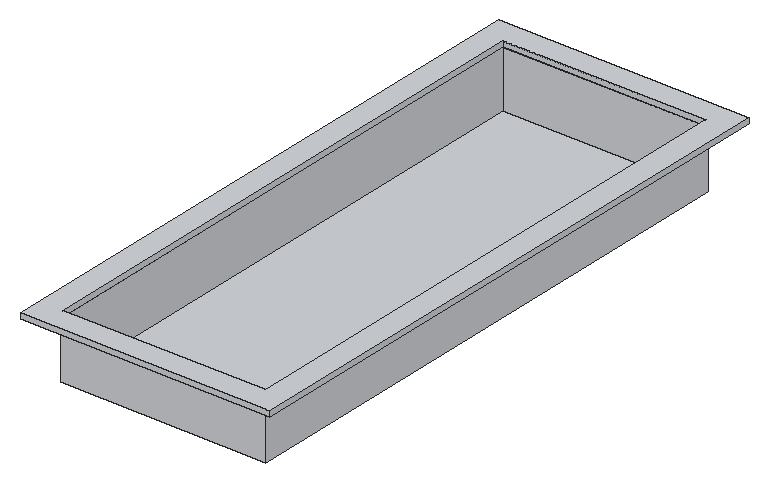
Revit family "Hager-VOLTA-Hollow_wall-Other-Without_Cover-Without_DIN-Hosted-CH-en", category Electrical Equipment, host Face, Revit 2023
Family settings
  Host = Face
  Panel Configuration = Two Columns, Circuits Across
  Round Connector Dimension = Use Diameter
  Part Type = Panelboard
  Cut with Voids When Loaded = No
  Maintain Annotation Orientation = Yes
  Shared = No
  Room Calculation Point = No
Parameters (values of type "VOLTA-Hollow_wall_W348_H880_D98_12_Modular_Spacing-VH60NK")
  Width Control [instance] = if([HG000006-Flush mounted], if([EF000846 - Built-in width] > min_whd, [EF000846 - Built-in width], min_whd), if([EF000008 - Width] > min_whd, ([EF000008 - Width]), min_whd))  # 314 mm
  Void Depth [instance] = if([HG000006-Flush mounted], Depth Control, 1 mm)  # 90 mm
  Uniformat code = "D501001"
  Uniformat = "Low Tension Service & Dist."
  HG000131 - Functional label [instance] = ""
  HG000130 - Functional name [instance] = ""
  HG000099-Onfly Template ID = "507532"
  Type Comments = ""
  System Height [instance] = Height Control - 2 * [HG000005-Thickness]  # 842 mm
  Reference description = ""
  Reference = "VOLTA-Hollow_wall_W348_H880_D98_12_Modular_Spacing-VH60NK"
  Object type = ""
  Name hager = "ADD_Enclosures_EC000214"
  Name BIM&CO = "Electricity"
  Name = "VOLTA-Hollow_wall-Other-Without_Cover-Without_DIN-CH"
  Model = ""
  HGEF002950-Width in number of modular spacings = 12
  HGEF000266-Number of rows = 5
  HG000060-RAL-number = "9010"
  HG000059-Operating voltage [instance] = 230 V
  HG000017-Distance between poles = 18 mm
  HG000016-Door 3D visibility = yes
  HG000015-Clearance visibility = yes
  HG000014-Door on the right = yes
  HG000013-Door on the left = not([HG000014-Door on the right])  # no
  HG000012-Door swing angle = 90.00°
  HG000011-Empty rows from bottom = no
  HG000010-Asymmetric doors = no
  HG000009-Double swing door = no
  HG000008-Number of empty rows = 0
  HG000007-Number of empty columns = 0
  HG000006-Flush mounted = yes
  HG000005-Thickness = 2 mm
  HG000004-Manufacturer reference = "VH60NK"
  HG000003-Range = "VOLTA"
  HG000002-With door or cover = no
  HG000001-Number of columns = 0
  GTIN (Global Trade Item Number) = ""
  ETIM class name = "Small distribution board"
  ETIM class code = "EC000214"
  EF015941 - Signal passing door = no
  EF015777 - Neutral terminal block = no
  EF015776 - Earthing terminal block = no
  EF009212 - Cover model = ""
  EF006306 - With lock = no
  EF006244 - Transparent cover/door = no
  EF005474 - Degree of protection (IP) = "Other"
  EF004464 - Type of door = ""
  EF004462 - Type of closure = "Other"
  EF002950 - Width in number of modular spacings = 12
  EF001596 - Housing material = ""
  EF001134 - DIN-rail = no
  EF001131 - Inner depth = 0 mm
  EF001088 - Extension possible = yes
  EF001062 - EMC-version = no
  EF000846 - Built-in width = 314 mm
  EF000339 - Type of covering = ""
  EF000332 - Built-in height = 846 mm
  EF000266 - Number of rows = 5
  EF000218 - Built-in depth = 90 mm
  EF000118 - With mounting plate = no
  EF000116 - RAL-number = 9010
  EF000049 - Depth = 98 mm
  EF000040 - Height = 880 mm
  EF000024 - UV resistant = no
  EF000008 - Width = 348 mm
  EF000007 - Colour = "White"
  EF000003 - Mounting method = "Hollow wall"
  Creation Date = "12/15/2025 21:43:36"
  Code hager = "ADD-EC000214_EU"
  BIM&CO code = ""
  BC_VARIANT_ID = "1174143"
  BC_OBJECT_VERSION = "#9"  # constant formula
  BC_OBJECT_ID = "513470"  # constant formula
  BC_MODEL_ID = "1547123"  # constant formula
  Arrow Offset [instance] = Depth Control / 8  # 11.25 mm
  Arrow Height [instance] = Depth Control - Arrow Offset  # 78.75 mm
  Host Offset [instance] = if([HG000006-Flush mounted], 0 mm, [EF000049 - Depth])  # 0 mm
  min_whd [instance] = (2 * [HG000005-Thickness]) + 1 mm  # 5 mm
  Manufacturer = "Hager"  # constant formula
  Height Control [instance] = if([HG000006-Flush mounted], if([EF000332 - Built-in height] > min_whd, [EF000332 - Built-in height], min_whd), if([EF000040 - Height] > min_whd, ([EF000040 - Height]), min_whd))  # 846 mm
  Flush Mounted - Door Frame Width [instance] = if(([EF000040 - Height] - [EF000332 - Built-in height]) > 0 mm, if([HG000006-Flush mounted], [EF000040 - Height] - [EF000332 - Built-in height], 0 mm), 0 mm)  # 34 mm
  Depth Control [instance] = if([HG000006-Flush mounted], if([EF000218 - Built-in depth] > 0 mm, [EF000218 - Built-in depth], 1 mm), if([EF000049 - Depth] > 0 mm, ([EF000049 - Depth]), 1 mm))  # 90 mm
  Default Elevation = 0 mm
Types (5, lengths in mm): name | System Height | Reference | HGEF000266-Number of rows | HG000004-Manufacturer reference | EF009212 - Cover model | EF004462 - Type of closure | EF001062 - EMC-version | EF000332 - Built-in height | EF000266 - Number of rows | EF000049 - Depth | EF000040 - Height | EF000008 - Width | BC_VARIANT_ID | Height Control | Flush Mounted - Door Frame Width
  VOLTA-Hollow_wall_W330_H355_D94_12_Modular_Spacing-VH12NK | 342 | "VOLTA-Hollow_wall_W330_H355_D94_12_Modular_Spacing-VH12NK" | 1 | "VH12NK" | "Closed" | "" | yes | 346 | 1 | 94 | 355 | 330 | "1174126" | 346 | 9
  VOLTA-Hollow_wall_W348_H505_D98_12_Modular_Spacing-VH24NK | 467 | "VOLTA-Hollow_wall_W348_H505_D98_12_Modular_Spacing-VH24NK" | 2 | "VH24NK" | "" | "Other" | no | 471 | 2 | 98 | 505 | 348 | "1174131" | 471 | 34
  VOLTA-Hollow_wall_W348_H630_D98_12_Modular_Spacing-VH36NK | 592 | "VOLTA-Hollow_wall_W348_H630_D98_12_Modular_Spacing-VH36NK" | 3 | "VH36NK" | "" | "Other" | no | 596 | 3 | 98 | 630 | 348 | "1174136" | 596 | 34
  VOLTA-Hollow_wall_W348_H755_D98_12_Modular_Spacing-VH48NK | 717 | "VOLTA-Hollow_wall_W348_H755_D98_12_Modular_Spacing-VH48NK" | 4 | "VH48NK" | "" | "Other" | no | 721 | 4 | 98 | 755 | 348 | "1174140" | 721 | 34
  VOLTA-Hollow_wall_W348_H880_D98_12_Modular_Spacing-VH60NK | 842 | "VOLTA-Hollow_wall_W348_H880_D98_12_Modular_Spacing-VH60NK" | 5 | "VH60NK" | "" | "Other" | no | 846 | 5 | 98 | 880 | 348 | "1174143" | 846 | 34
Reference planes
  plane 1 "Center (Front/Back)": y = 0
  plane 2: z = 0
  plane 3 "Center (Left/Right)": x = 0
  plane 4: z = 0
  plane 5: y = 36
  plane 6: z = -5
  plane 7: y = 457
  plane 8: y = 34
  plane 9: y = 880
  plane 10: z = -90
  plane 11: x = -157
  plane 12: x = 157
  plane 13: x = 155
  plane 14: x = -155
  plane 15: y = 878
  plane 16: z = -88
  plane 17: z = -2
  plane 18: z = -90
  plane 19: z = -2
  plane 20 "Annotation H": y = -100
  plane 21 "Annotation V": x = 457
Forms (mm)
  Extrusion 1, solid
    sketch origin (-583.045, 34, 1219.2) x (-1, 0, 0) y (0, 0, 1)
      loop
        line (-426.045, -1219.2) -> (-740.045, -1219.2) -> (-740.045, -1309.2) -> (-426.045, -1309.2) -> (-426.045, -1219.2)
    from 0 to 846 <- "Height Control"
  Extrusion 2, void
    sketch origin (-381.607, -4572, 0) x (0, -1, 0) y (-1, 0, 0)
      loop
        line (-5450, -226.607) -> (-5450, -536.607) -> (-4608, -536.607) -> (-4608, -226.607) -> (-5450, -226.607)
    from 0 to 88
  Extrusion 3, void
    sketch origin (0, 0, 0) x (1, 0, 0) y (0, 1, 0)
      loop
        line (-157, 34) -> (157, 34) -> (157, 880) -> (-157, 880) -> (-157, 34)
    from -90 to 1
  Extrusion 4, solid, detail levels coarse+medium
    sketch origin (-381.607, -4572, 0) x (-1, 0, 0) y (0, -1, 0)
      loop
        line (-226.607, -5450) -> (-226.607, -4608) -> (-536.607, -4608) -> (-536.607, -5450) -> (-226.607, -5450)
    from 0 to -2
Cuts and joins
  Extrusion 2 cuts Extrusion 1
Dimensions and locks
  plane 4 to plane 6 = 5 mm
  "Host Offset": plane 4 to host face
  "Flush Mounted - Door Frame Width": plane 1 "Center (Front/Back)" to plane 8
  "HG000005-Thickness": plane 5 to plane 8
  locked: connector elem to plane 3 "Center (Left/Right)"
  "Height Control": plane 9 to plane 8
  equal spacing: plane 9, plane 7, plane 8
  locked: connector elem to plane 7
  "Depth Control": plane 4 to plane 10
  "HG000005-Thickness": plane 11 to plane 14
  "HG000005-Thickness": plane 12 to plane 13
  equal spacing: plane 11, plane 3 "Center (Left/Right)", plane 12
  "Width Control": plane 11 to plane 12
  "Arrow Offset": nested 4 to plane 10
  "HG000005-Thickness": plane 9 to plane 15
  "HG000005-Thickness": plane 16 to plane 10
  "HG000005-Thickness": plane 4 to plane 17
  "Void Depth": plane 2 to plane 18
  "HG000005-Thickness": plane 4 to plane 19
  locked: plane 20 "Annotation H" to plane 1 "Center (Front/Back)" at 100
  locked: plane 12 to plane 21 "Annotation V" at 300
  aligned and locked: plane 2 to host face
  aligned and locked: level to host face
  aligned and locked: plane 3 "Center (Left/Right)" to nested 2
  aligned and locked: plane 4 to nested 2
  aligned and locked: nested 2 to plane 8
  aligned and locked: nested 1 to plane 6
  aligned and locked: plane 5 to nested 1
  aligned and locked: nested 4 to plane 11
  aligned and locked: nested 3 to plane 4
  aligned and locked: Extrusion 1 sketch curve to plane 12
  aligned and locked: Extrusion 1 sketch curve to plane 11
  aligned and locked: nested 3 to plane 10
  aligned and locked: plane 10 to Extrusion 1 sketch curve
  aligned and locked: plane 5 to Extrusion 2 sketch curve
  aligned and locked: Extrusion 2 sketch curve to plane 15
  aligned and locked: Extrusion 2 sketch curve to plane 14
  aligned and locked: Extrusion 2 sketch curve to plane 13
  aligned and locked: plane 11 to Extrusion 3 sketch curve
  aligned and locked: plane 9 to Extrusion 3 sketch curve
  aligned and locked: Extrusion 3 sketch curve to plane 8
  aligned and locked: plane 12 to Extrusion 3 sketch curve
  aligned and locked: nested 3 to plane 12
  aligned and locked: Extrusion 3 to plane 18
  aligned and locked: Extrusion 2 to plane 16
  aligned and locked: Extrusion 1 sketch curve to plane 4
  aligned and locked: Extrusion 4 to plane 17
  aligned and locked: Extrusion 4 sketch curve to plane 15
  aligned and locked: Extrusion 4 sketch curve to plane 13
  aligned and locked: Extrusion 4 sketch curve to plane 14
  aligned and locked: plane 5 to Extrusion 4 sketch curve
  aligned and locked: nested 5 to plane 21 "Annotation V"
  aligned and locked: plane 20 "Annotation H" to nested 5
Automatic sketch dimensions
  host sketch curve to host sketch curve = 1469.727 mm
  host sketch curve to host sketch curve = 1434.803 mm
Nested families
  nested 1: "Hager_Enclosure_System" at (0, 36, -5) x (1, 0, 0) z (0, 1, 0), Depth <- "HG000005-Thickness", Height <- "System Height", Border <- "HG000005-Thickness", Flush_Mounted <- "HG000006-Flush mounted", Row_Module_Multiplicator <- "HGEF002950-Width in number of modular spacings", Total_No_Empty_Rows <- "HG000008-Number of empty rows", Total_No_Rows <- "HGEF000266-Number of rows", Empty_Columns <- "HG000007-Number of empty columns", Width_Control <- "Width Control", Empty_Rows_From_Bottom <- "HG000011-Empty rows from bottom", Distance_Between_Poles <- "HG000017-Distance between poles", Rows_Count <- "HGEF000266-Number of rows", Columns_Count <- "HG000001-Number of columns", Built-in_Width <- "EF000846 - Built-in width", Width <- "EF000008 - Width", type "Hager_Enclosure_System", detail levels fine
    with Width_Control 314 mm, Width 348 mm, Total_No_Rows 5, Total_No_Empty_Rows 0, Total_No_Columns 1, System_Width 310 mm, Rows_Count 5, Rows_Column 5, Row_Module_Multiplicator 12, Panel_4 no, Panel_3 no, Panel_2 no, Panel_1 no, No_Panels_Ctrl 1, Hide_Columns yes, Height 842 mm, Flush_Mounted yes, Empty_Rows_From_Bottom no, Empty_Rows_Column 0, Empty_Columns 0, Empty column 4 0, Empty column 3 0, Empty column 2 0, Empty column 1 0, Distance_Between_Poles 18 mm, Depth 2 mm, Columns_Count 0, Column_Width 310 mm, Built-in_Width 314 mm, Border 2 mm
  nested 2: "Hager_Enclosure_Door" at (0, 34, 0) x (1, 0, 0) z (0, 1, 0), Border <- "HG000005-Thickness", Door_Right <- "HG000014-Door on the right", Flush_Mounted <- "HG000006-Flush mounted", Door_Left <- "HG000013-Door on the left", 3d_Door <- "HG000016-Door 3D visibility", Angle <- "HG000012-Door swing angle", Assymetrical <- "HG000010-Asymmetric doors", Double <- "HG000009-Double swing door", Clearance <- "HG000015-Clearance visibility", Door <- "HG000002-With door or cover", Height_Ctrl <- "Height Control", Width_Ctrl <- "Width Control", BuiltIn_Depth <- "EF000218 - Built-in depth", Depth <- "EF000049 - Depth", BuiltIn_Width <- "EF000846 - Built-in width", Height <- "EF000040 - Height", BuiltIn_Height <- "EF000332 - Built-in height", Width <- "EF000008 - Width", Transparent <- "EF006244 - Transparent cover/door", type "Hager_Enclosure_Door", detail levels medium+fine
    with min_wh 5 mm, Width_Ctrl 314 mm, Width 348 mm, Transparent_Door_No_Bottom_Border no, Transparent no, Leaf_Width 307 mm, Leaf_Tolerance 1.5 mm, Leaf_Height 839 mm, Leaf_2_Width 307 mm, Leaf_2_Offset 153.5 mm, Leaf_1_Width 307 mm, Leaf_1_Offset 153.5 mm, Height_Ctrl 846 mm, Height 880 mm, Frame_Width_Ctrl 34 mm, Frame_Width 34 mm, Frame_Internal_Offset 2 mm, Frame_Height_Ctrl 34 mm, Frame_Height 34 mm, Frame_Depth_Ctrl 8 mm, Frame_Depth 8 mm, Flush_Mounted yes, Double_Clearance_Ctrl no, Double no, Door_Right_Ctrl no, Door_Right yes, Door_Left_Ctrl no, Door_Left no, Door no, Depth 98 mm, Clearance_Depth 307 mm, Clearance_Ctrl yes, Clearance yes, BuiltIn_Width 314 mm, BuiltIn_Height 846 mm, BuiltIn_Depth 90 mm, Border 2 mm, Assymetrical no, Angle 90.00°, 3d_Door yes
  nested 3: "Hager_Enclosure_Symbol_Triangle" at (-157, 0, -90) x (1, 0, 0) z (0, -1, 0), Depth <- "Depth Control", Width <- "Width Control", type "Hager_Enclosure_Symbol_Triangle"
    with Width_Ctrl 314 mm, Width 314 mm, Depth_Ctrl 90 mm, Depth 90 mm
  nested 4: "Hager_Enclosure_Symbol_Arrow" at (-157, 0, -78.75) x (1, 0, 0) z (0, -1, 0), Height <- "Arrow Height", type "Hager_Enclosure_Symbol_Arrow"
    with Width_Inside 5.906 mm, Width 70.875 mm, Height_Ctrl 78.75 mm, Height 78.75 mm
  nested 5: "Hager_Annotation-HG000130" at (457, -100, 0) x (-1, 0, 0) z (0, 0, 1), HG000130 - Functional name <- "HG000130 - Functional name", type "Hager_Annotation-HG000130"
    with HG000130 - Functional name ""
Connectors
  electrical at (0, 457, -90)
    settings: on plane 10, index 1, voltage 0 V, apparent load 0 VA, apparent load phase1 0 VA, apparent load phase2 0 VA, apparent load phase3 0 VA, power factor 1, load classification "Other", number of poles 1, system type 30, power factor state 1, is connector primary yes, connector utility no, sub classification motor no, connector description ""
Definition of nested family "Hager_Enclosure_Door"
  Parameters (values of type "Hager_Enclosure_Door")
    min_wh [instance] = (2 * Border) + 1 mm  # 11 mm
    Width_Ctrl [instance] = 400 mm
    Width [instance] = 500 mm
    Transparent_Door_No_Bottom_Border [instance] = no
    Transparent [instance] = yes
    Leaf_Width [instance] = if((Width_Ctrl - 2 * Border - 2 * Leaf_Tolerance) > 0 mm, (Width_Ctrl - 2 * Border - 2 * Leaf_Tolerance), min_wh)  # 387 mm
    Leaf_Tolerance [instance] = 1.5 mm  # constant formula
    Leaf_Height [instance] = if((Height_Ctrl - 2 * Border - 2 * Leaf_Tolerance) > 0 mm, (Height_Ctrl - 2 * Border - 2 * Leaf_Tolerance), min_wh)  # 387 mm
    Leaf_2_Width [instance] = if(and(and(Double, Assymetrical), Door_Left), (Leaf_Width / 3) - (Leaf_Tolerance / 2), if(and(and(Double, Assymetrical), Door_Right), (Leaf_Width / 3) * 2 - (Leaf_Tolerance / 2), if(and(Double, not(Assymetrical)), (Leaf_Width / 2) - Leaf_Tolerance, Leaf_Width)))  # 387 mm
    Leaf_2_Offset [instance] = if(and(Double, Assymetrical), Leaf_2_Width / 2, if(and(Double, not(Assymetrical)), Leaf_Width / 4, Leaf_Width / 2))  # 193.5 mm
    Leaf_1_Width [instance] = if(and(and(Double, Assymetrical), Door_Right), (Leaf_Width / 3) - (Leaf_Tolerance / 2), if(and(and(Double, Assymetrical), Door_Left), (Width / 3) * 2 - (Leaf_Tolerance / 2), if(and(Double, not(Assymetrical)), (Leaf_Width / 2) - Leaf_Tolerance, Leaf_Width)))  # 387 mm
    Leaf_1_Offset [instance] = if(and(Double, Assymetrical), Leaf_1_Width / 2, if(and(Double, not(Assymetrical)), Leaf_Width / 4, Leaf_Width / 2))  # 193.5 mm
    Height_Ctrl [instance] = 400 mm
    Height [instance] = 500 mm
    Frame_Width_Ctrl [instance] = if(Frame_Width > 0 mm, Frame_Width, 1 mm)  # 1 mm
    Frame_Width [instance] = Width - BuiltIn_Width  # 0 mm
    Frame_Internal_Offset [instance] = if(Flush_Mounted, Border, 0 mm)  # 5 mm
    Frame_Height_Ctrl [instance] = if(Frame_Height > 0 mm, Frame_Height, 1 mm)  # 1 mm
    Frame_Height [instance] = Height - BuiltIn_Height  # 0 mm
    Frame_Depth_Ctrl [instance] = if(Frame_Depth > 0 mm, Frame_Depth, 1 mm)  # 1 mm
    Frame_Depth [instance] = if(Depth - BuiltIn_Depth > 0 mm, if(Flush_Mounted, Depth - BuiltIn_Depth, 0 mm), 0 mm)  # 0 mm
    Flush_Mounted [instance] = yes
    Double_Clearance_Ctrl [instance] = and(Double, Clearance)  # no
    Double [instance] = no
    Door_Right_Ctrl [instance] = and(or(Door_Right, Double), Door)  # yes
    Door_Right [instance] = yes
    Door_Left_Ctrl [instance] = and(or(Door_Left, Double), Door)  # no
    Door_Left [instance] = no
    Door [instance] = yes
    Depth [instance] = 500 mm
    Default Elevation = 1219.2 mm
    Clearance_Material = none
    Clearance_Depth [instance] = if(Leaf_1_Width > Leaf_2_Width, Leaf_1_Width, Leaf_2_Width)  # 387 mm
    Clearance_Ctrl [instance] = and(not(Double), Clearance)  # yes
    Clearance [instance] = yes
    BuiltIn_Width [instance] = 500 mm
    BuiltIn_Height [instance] = 500 mm
    BuiltIn_Depth [instance] = 500 mm
    Border [instance] = 5 mm
    Assymetrical [instance] = yes
    Angle [instance] = 30.00°
    3d_Door [instance] = yes
  Reference planes
    plane 1 "Center (Front/Back)": y = 0
    plane 2 "Bottom": z = 0
    plane 3 "Center (Left/Right)": x = 0
    plane 4: z = 400
    plane 5: x = -200
    plane 6: x = 200
    plane 7: z = 395
    plane 8: x = -195
    plane 9: z = 5
    plane 10: x = 195
    plane 11: y = 0
    plane 12: z = 6.5
    plane 13: x = -582
    plane 14: y = -387
    plane 15: x = 582
    plane 16: x = 0
    plane 17: x = 0
    plane 18: x = -193.5
    plane 19: x = 193.5
    plane 20: z = 393.5
  Forms (mm)
    Extrusion 1, solid, visible <- "Flush_Mounted"
      sketch origin (0, 0, 0) x (1, 0, 0) y (0, 0, 1)
        loop
          line (195, 5) -> (195, 395) -> (-195, 395) -> (-195, 5) -> (195, 5)
        loop
          line (-201, 401) -> (-201, -1) -> (201, -1) -> (201, 401) -> (-201, 401)
      from 0 to 1 <- "Frame_Depth_Ctrl"
    Extrusion 2, solid, material <- "Clearance_Material", visible <- "Double_Clearance_Ctrl"
      sketch origin (1200, 0, 0) x (1, 0, 0) y (0, 0, -1)
        loop
          line (-1782, -393.5) -> (-618, -393.5) -> (-618, 0) -> (-1782, 0) -> (-1782, -393.5)
      from 0 to -387
  Dimensions and locks
    equal spacing: plane 5, plane 3 "Center (Left/Right)", plane 6
    "Width_Ctrl": plane 5 to plane 6
    "Border": plane 5 to plane 8
    "Border": plane 6 to plane 10
    "Border": plane 9 to level
    "Border": plane 4 to plane 7
    "Height_Ctrl": plane 4 to level
    "Leaf_Tolerance": plane 12 to plane 9
    "Frame_Depth": plane 11 to plane 1 "Center (Front/Back)"
    "Frame_Width_Ctrl": plane 5 to Extrusion 1 sketch curve
    "Frame_Width_Ctrl": plane 6 to Extrusion 1 sketch curve
    "Frame_Width_Ctrl": Extrusion 1 sketch curve to plane 4
    "Frame_Width_Ctrl": plane 2 "Bottom" to Extrusion 1 sketch curve
    "Leaf_1_Offset": plane 18 to plane 16
    "Leaf_2_Offset": plane 17 to plane 19
    "Leaf_1_Width": plane 13 to plane 8
    "Leaf_2_Width": plane 10 to plane 15
    "Clearance_Depth": plane 14 to plane 1 "Center (Front/Back)"
    "Leaf_Tolerance": plane 8 to plane 18
    "Leaf_Tolerance": plane 19 to plane 10
    "Leaf_Tolerance": plane 7 to plane 20
    "Frame_Internal_Offset": plane 5 to Extrusion 1 sketch curve
    "Frame_Internal_Offset": Extrusion 1 sketch curve to plane 2 "Bottom"
    "Frame_Internal_Offset": plane 6 to Extrusion 1 sketch curve
    "Frame_Internal_Offset": plane 4 to Extrusion 1 sketch curve
    aligned and locked: level to plane 2 "Bottom"
    aligned and locked: nested 1 to plane 16
    aligned and locked: nested 2 to plane 17
    aligned and locked: Extrusion 2 to plane 13
    aligned and locked: plane 15 to Extrusion 2
    aligned and locked: Extrusion 2 to plane 14
    aligned and locked: plane 12 to nested 1
    aligned and locked: nested 2 to plane 12
    aligned and locked: Extrusion 2 to plane 11
    aligned and locked: plane 20 to Extrusion 2
    aligned and locked: nested 2 to plane 11
    aligned and locked: nested 1 to plane 11
  Automatic sketch dimensions
    Extrusion 2 sketch curve to level = 0 mm
    plane 5 to Extrusion 2 sketch curve = 382 mm
    plane 6 to Extrusion 2 sketch curve = 382 mm
    Extrusion 2 sketch curve to plane 4 = 6.5 mm
  Nested families
    nested 1: "Hager_Enclosure_Door_Leaf" at (0, 0, 6.5), Width <- "Leaf_1_Width", visible <- "Door_Left_Ctrl", Leaf_Height <- "Leaf_Height", Angle <- "Angle", Depth <- "Border", 3d_Door <- "3d_Door", Transparent <- "Transparent", Clearance Material <- "Clearance_Material", Clearance <- "Clearance_Ctrl", Transparent_Door_No_Bottom_Border <- "Transparent_Door_No_Bottom_Border", type "Hager_Enclosure_Door_Leaf"
      with Width 387 mm, Transparent_Door_No_Bottom_Border no, Transparent_Door_Border_Bottom_Top 25 mm, Transparent_Door_Border 25 mm, Transparent_Ctrl yes, Transparent yes, Standard no, Leaf_Height 387 mm, Glass_Offset 1 mm, Depth 5 mm, Clearance Material none, Clearance yes, Angle_Ctrl 30.00°, Angle 30.00°, 3d_Door yes
    nested 2: "Hager_Enclosure_Door_Leaf" at (0, 0, 6.5) x (-1, 0, 0) z (0, 0, 1), Width <- "Leaf_2_Width", visible <- "Door_Right_Ctrl", Leaf_Height <- "Leaf_Height", Angle <- "Angle", Depth <- "Border", 3d_Door <- "3d_Door", Transparent <- "Transparent", Clearance Material <- "Clearance_Material", Clearance <- "Clearance_Ctrl", Transparent_Door_No_Bottom_Border <- "Transparent_Door_No_Bottom_Border", type "Hager_Enclosure_Door_Leaf"
      with Width 387 mm, Transparent_Door_No_Bottom_Border no, Transparent_Door_Border_Bottom_Top 25 mm, Transparent_Door_Border 25 mm, Transparent_Ctrl yes, Transparent yes, Standard no, Leaf_Height 387 mm, Glass_Offset 1 mm, Depth 5 mm, Clearance Material none, Clearance yes, Angle_Ctrl 30.00°, Angle 30.00°, 3d_Door yes
  Definition of nested family "Hager_Enclosure_Door_Leaf"
    Parameters (values of type "Hager_Enclosure_Door_Leaf")
      Width [instance] = 2000 mm
      Transparent_Door_No_Bottom_Border [instance] = yes
      Transparent_Door_Border_Bottom_Top [instance] = if(Transparent_Door_No_Bottom_Border, 0.1 mm, Transparent_Door_Border)  # 0.1 mm
      Transparent_Door_Border [instance] = if(Transparent_Door_No_Bottom_Border, (Width * 0.12), 25 mm)  # 240 mm
      Transparent_Ctrl [instance] = and(Transparent, [3d_Door])  # yes
      Transparent [instance] = yes
      Standard [instance] = and(not(Transparent), [3d_Door])  # no
      Leaf_Height [instance] = 2720.336 mm
      Glass_Offset [instance] = if((Depth - 10 mm) / 2 > 0 mm, (Depth - 10 mm) / 2, 1 mm)  # 15 mm
      Glass_Material = none
      Depth [instance] = 40 mm
      Default Elevation = 0 mm
      Clearance Material [instance] = none
      Clearance [instance] = yes
      Angle_Ctrl [instance] = if(Angle > 170.00°, 170.00°, Angle)  # 45.00°
      Angle [instance] = 45.00°
      3d_Door [instance] = yes
    Reference planes
      plane 1 "Center (Front/Back)": y = 0
      plane 2: z = 0
      plane 3 "Center (Left/Right)": x = 0
      plane 4: y = 2000
      plane 5: x = -1000
      plane 6: x = 1000
      plane 7: x = -3000
      plane 8: z = 2720.336
      plane 9: z = 0.1
      plane 10: z = 2720.236
      plane 11: x = 760
      plane 12: x = -760
    Forms (mm)
      Extrusion 1, solid, material <- "Clearance Material", visible <- "Clearance"
        sketch origin (0, 0, 0) x (1, 0, 0) y (0, 0, 1)
          loop
            line (-3000, 2720.336) -> (-3000, 0) -> (1000, 0) -> (1000, 2720.336) -> (-3000, 2720.336)
        from 0 to -2000
      Extrusion 2, solid, visible <- "Standard", detail levels medium+fine
        sketch origin (-1000, 0, 0) x (0.707107, 0.707107, 0) y (-0.707107, 0.707107, 0)
          loop
            line (0, -40) -> (2000, -40) -> (2000, 0) -> (0, 0) -> (0, -40)
        from 0 to 2720.336 <- "Leaf_Height"
      Extrusion 3, solid, visible <- "Transparent_Ctrl", detail levels medium+fine
        sketch origin (-1000, 0, 0) x (0.707107, 0.707107, 0) y (-0.707107, 0.707107, 0)
          loop
            line (0, -40) -> (2000, -40) -> (2000, 0) -> (0, 0) -> (0, -40)
        from 0 to 2720.336 <- "Leaf_Height"
      Extrusion 4, void, detail levels medium+fine
        sketch origin (-1000, 0, 0) x (-0.707107, 0.707107, 0) y (0.707107, 0.707107, 0)
          loop
            line (0, 240) -> (0, 1760) -> (-40, 1760) -> (-40, 240) -> (0, 240)
        from -2720.236 to -0.1
      Extrusion 5, solid, material <- "Glass_Material", visible <- "Transparent_Ctrl", detail levels medium+fine
        sketch origin (-1000, 0, 0) x (0.707107, 0.707107, 0) y (-0.707107, 0.707107, 0)
          loop
            line (240, -15) -> (240, -25) -> (1760, -25) -> (1760, -15) -> (240, -15)
        from 0.1 to 2720.236
    Cuts and joins
      Extrusion 4 cuts Extrusion 3
    Lines and regions (mm)
      symbolic lines
        curve 1: line (1000, 0, 0) -> (-3000, 0, 0)
        curve 2: arc (1000, 0, 0) -> (-1000, 2000, 0) -> (-3000, 0, 0) r 2000
        curve 4: line (-1000, 0, 0) -> (414.214, 1414.214, 0)
      reference lines
        curve 3: line (-1000, 0, 0) -> (414.214, 1414.214, 0)
      symbolic lines, detail levels medium+fine
        curve 5: line (414.214, 1414.214, 0) -> (442.498, 1385.929, 0)
        curve 6: line (442.498, 1385.929, 0) -> (-971.716, -28.284, 0)
        curve 7: line (-971.716, -28.284, 0) -> (-1000, 0, 0)
        curve 8: line (-1000, 0, 2720.336) -> (1000, 0, 2720.336)
        curve 9: line (-1000, 0, 0) -> (-1000, 0, 2720.336)
        curve 10: line (1000, 0, 0) -> (-1000, 0, 0)
        curve 11: line (1000, 0, 2720.336) -> (1000, 0, 0)
      symbolic lines, visible <- "Transparent_Ctrl", detail levels medium+fine
        curve 12: line (-760, 0, 2720.236) -> (760, 0, 2720.236)
        curve 13: line (-760, 0, 0.1) -> (-760, 0, 2720.236)
        curve 14: line (760, 0, 0.1) -> (-760, 0, 0.1)
        curve 15: line (760, 0, 2720.236) -> (760, 0, 0.1)
    Dimensions and locks
      "Width": plane 1 "Center (Front/Back)" to plane 4
      equal spacing: plane 5, plane 3 "Center (Left/Right)", plane 6
      "Width": plane 5 to plane 6
      "Width": plane 7 to plane 5
      "Leaf_Height": plane 8 to level
      "Depth": curve 6 to curve 3
      "Width": curve 5 to curve 3
      "Width": curve 3 to curve 3
      "Transparent_Door_Border": Extrusion 4 sketch curve to curve 7
      "Transparent_Door_Border": Extrusion 4 sketch curve to curve 5
      "Transparent_Door_Border_Bottom_Top": plane 8 to plane 10
      "Transparent_Door_Border_Bottom_Top": plane 9 to level
      "Glass_Offset": Extrusion 5 sketch curve to curve 4
      "Glass_Offset": Extrusion 5 sketch curve to curve 6
      "Transparent_Door_Border": Extrusion 5 sketch curve to curve 5
      "Transparent_Door_Border": Extrusion 5 sketch curve to curve 7
      "Transparent_Door_Border": plane 12 to plane 5
      "Transparent_Door_Border": plane 6 to plane 11
      "Angle_Ctrl": angle plane 1 "Center (Front/Back)" to curve 3
      aligned and locked: level to plane 2
      aligned and locked: Extrusion 1 to curve 1
      aligned and locked: plane 6 to Extrusion 1
      aligned and locked: Extrusion 1 to plane 1 "Center (Front/Back)"
      aligned and locked: plane 4 to Extrusion 1
      aligned and locked: plane 8 to Extrusion 1
      aligned and locked: curve 4 to curve 3
      aligned and locked: Extrusion 2 sketch curve to curve 7
      aligned and locked: Extrusion 2 sketch curve to curve 6
      aligned and locked: Extrusion 2 sketch curve to curve 5
      aligned and locked: Extrusion 2 sketch curve to curve 3
      aligned and locked: curve 7 to Extrusion 3 sketch curve
      aligned and locked: Extrusion 3 sketch curve to curve 4
      aligned and locked: Extrusion 3 sketch curve to curve 6
      aligned and locked: Extrusion 3 sketch curve to curve 5
      aligned and locked: curve 4 to Extrusion 4 sketch curve
      aligned and locked: curve 6 to Extrusion 4 sketch curve
      aligned and locked: Extrusion 4 to plane 9
      aligned and locked: Extrusion 4 to plane 10
      aligned and locked: Extrusion 5 to plane 9
      aligned and locked: Extrusion 5 to plane 10
      aligned and locked: curve 8 to plane 8
      aligned and locked: plane 5 to curve 9
      aligned and locked: plane 2 to curve 10
      aligned and locked: curve 11 to plane 6
      aligned and locked: plane 10 to curve 12
      aligned and locked: plane 12 to curve 13
      aligned and locked: curve 14 to plane 9
      aligned and locked: plane 11 to curve 15
    Automatic sketch dimensions
      plane 1 "Center (Front/Back)" to curve 2 = 0 mm
      curve 2 to plane 5 = 0 mm
      Extrusion 1 sketch curve to level = 0 mm
      Extrusion 1 sketch curve to plane 7 = 0 mm
      Extrusion 1 sketch curve to plane 6 = 0 mm
      Extrusion 1 sketch curve to plane 8 = 0 mm
      plane 1 "Center (Front/Back)" to curve 3 = 0 mm
      curve 3 to plane 5 = 0 mm
      curve 7 to curve 3 = 0 mm
Definition of nested family "Hager_Enclosure_Symbol_Triangle"
  Parameters (values of type "Hager_Enclosure_Symbol_Triangle")
    Width_Ctrl [instance] = if(Width > 1 mm, Width, 1 mm)  # 498 mm
    Width [instance] = 498 mm
    Depth_Ctrl [instance] = if(Depth > 1 mm, Depth, 1 mm)  # 72 mm
    Depth [instance] = 72 mm
  Reference planes
    plane 1 "Centre (avant/arrière)": y = 0
    plane 2: z = 0
    plane 3 "Centre (gauche/droite)": x = 0
  Lines and regions (mm)
    Filled region 1, type "Solid_Black", in view "Niveau de réf."
      outline origin (0, 0, 0) x (1, 0, 0) y (0, 1, 0)
        loop
          line (0, 0) -> (498, 0) -> (498, 72) -> (0, 0)
    reference lines, in view "Niveau de réf."
      curve 1: line (-206.153, 72, 0) -> (1083.258, 72, 0)
      curve 2: line (498, 405.456, 0) -> (498, -517.619, 0)
  Dimensions and locks
    "Depth_Ctrl": plane 1 "Centre (avant/arrière)" to curve 1
    "Width_Ctrl": plane 3 "Centre (gauche/droite)" to curve 2
    aligned and locked: curve 1 to Filled region 1 sketch curve
    aligned and locked: Filled region 1 sketch curve to plane 1 "Centre (avant/arrière)"
    aligned and locked: curve 2 to Filled region 1 sketch curve
    aligned and locked: plane 3 "Centre (gauche/droite)" to Filled region 1 sketch curve
    aligned and locked: plane 1 "Centre (avant/arrière)" to Filled region 1 sketch curve
  Automatic sketch dimensions
    curve 1 to plane 3 "Centre (gauche/droite)" = 206.153 mm
    curve 2 to curve 1 = 585.258 mm
    plane 1 "Centre (avant/arrière)" to curve 2 = 517.619 mm
    curve 2 to plane 1 "Centre (avant/arrière)" = 405.456 mm
Definition of nested family "Hager_Enclosure_Symbol_Arrow"
  Parameters (values of type "Hager_Enclosure_Symbol_Arrow")
    Width_Inside [instance] = if(Width / 12 > 2 mm, Width / 12, 2 mm)  # 4.987 mm
    Width [instance] = if(Height_Ctrl * 0.9 > 2 mm, Height_Ctrl * 0.9, 2 mm)  # 59.85 mm
    Height_Ctrl [instance] = if(Height > 2 mm, Height, 2 mm)  # 66.5 mm
    Height [instance] = 66.5 mm
  Reference planes
    plane 1 "Centre (avant/arrière)": y = 0
    plane 2: z = 0
    plane 3 "Centre (gauche/droite)": x = 0
    plane 4: x = 59.85
    plane 5: y = 28.263
    plane 6: y = 38.238
    plane 7: y = 66.5
    plane 8: x = 29.925
    plane 9: y = 33.25
  Lines and regions (mm)
    Filled region 1, type "Solid_Black", in view "Niveau de réf."
      outline origin (0, 0, 0) x (1, 0, 0) y (0, 1, 0)
        loop
          line (59.85, 66.5) -> (37.929, 52.827) -> (51.846, 41.935) -> (59.85, 66.5)
    detail lines, in view "Niveau de réf."
      curve 1: line (0, 0, 0) -> (29.925, 38.238, 0)
      curve 2: line (29.925, 38.238, 0) -> (29.925, 28.263, 0)
      curve 3: line (29.925, 28.263, 0) -> (59.85, 66.5, 0)
  Dimensions and locks
    "Width": plane 3 "Centre (gauche/droite)" to plane 4
    "Height_Ctrl": plane 7 to plane 1 "Centre (avant/arrière)"
    equal spacing: plane 3 "Centre (gauche/droite)", plane 8, plane 4
    equal spacing: plane 7, plane 9, plane 1 "Centre (avant/arrière)"
    equal spacing: plane 6, plane 9, plane 5
    "Width_Inside": plane 6 to plane 9
    equal spacing: curve 3, Filled region 1 sketch curve, Filled region 1 sketch curve
    angle Filled region 1 sketch curve to curve 3 = 20.00°
    angle curve 3 to Filled region 1 sketch curve = 20.00°
    locked: curve 3 to Filled region 1 sketch curve (angle 90.00°)
  Automatic sketch dimensions
    plane 1 "Centre (avant/arrière)" to curve 1 = 0 mm
    curve 1 to plane 3 "Centre (gauche/droite)" = 0 mm
    curve 2 to plane 6 = 0 mm
    curve 3 to plane 8 = 0 mm
    curve 3 to plane 4 = 0 mm
    curve 2 to plane 5 = 0 mm
    curve 3 to plane 7 = 0 mm
    Filled region 1 sketch curve to plane 4 = 0 mm
    Filled region 1 sketch curve to plane 7 = 0 mm
Definition of nested family "Hager_Annotation-HG000130"
  Parameters (values of type "Hager_Annotation-HG000130")
    HG000130 - Functional name [instance] = ""
  Reference planes
    plane 1: y = 0
    plane 2: x = 0
  Lines and regions (mm)
    detail lines
      curve 1: line (-27.5, 10, 0) -> (27.5, 10, 0)
      curve 2: line (-27.5, -10, 0) -> (-27.5, 10, 0)
      curve 3: line (27.5, -10, 0) -> (-27.5, -10, 0)
      curve 4: line (27.5, 10, 0) -> (27.5, -10, 0)
  Text (mm)
    label "HG000130 - Functional name" at (0.16, 0.026, 0), shows "HG000130 - Functional name"
